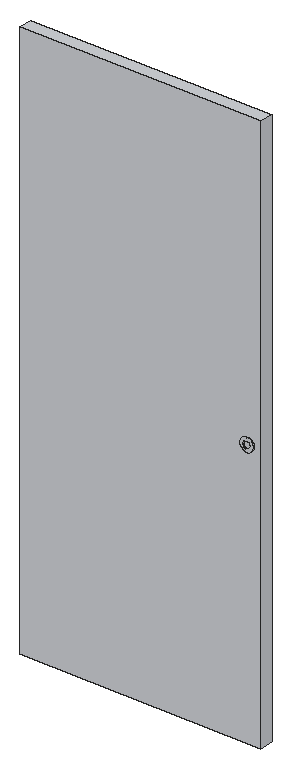
Revit family "DR_1SL_Sliding Door", category Doors, host Wall, Revit 2021
Family settings
  Host = Wall
  OmniClass Number = 23.30.10.00
  OmniClass Title = Doors
  Always vertical = Yes
  Cut with Voids When Loaded = No
  Shared = No
  Room Calculation Point = Yes
Parameters (values of type "900x2100")
  YN_Handle_Internal = yes
  YN_Handle_External = yes
  YN_FlushWall_Int = no
  YN_FlushWall_Ext = no
  Thickness = 0 mm  # constant formula
  TX_TypeCode = "1SL"
  TX_Host [instance] = ""
  Rough Width = 0 mm  # constant formula
  Rough Height = 0 mm  # constant formula
  MA_Panel = none
  MA_Handle = none
  MA_Frame = none
  Function = Interior
  Height = 0 mm  # constant formula
  Wall Closure = By host
  Width = 0 mm  # constant formula
  Description = "Porta a un'anta scorrevole."
  Define Thermal Properties by = Schematic Type
  DI_Width_Rough = DI_Width + (DI_Frame_Width * 2)  # 900 mm
  DI_Width_Clear = DI_Width  # 900 mm
  DI_Width = 900 mm
  DI_Wall_Thickness [instance] = 200 mm
  DI_WallVoid_Thickness = DI_Panel_Thickness + 20 mm  # 70 mm
  DI_WallOpening_Interior [instance] = 0 mm
  DI_WallOpening_Exterior [instance] = 0 mm
  DI_VoidDepth_Below [instance] = 200 mm
  DI_Panel_Width = DI_Width  # 900 mm
  DI_Panel_Thickness = 50 mm
  DI_Panel_OffsetYC [instance] = 300 mm + if(YN_FlushWall_Int, 0 mm, if(YN_FlushWall_Ext, (DI_Wall_Thickness - DI_Frame_Thickness), DI_Panel_OffsetY))  # 350 mm
  DI_Panel_OffsetY [instance] = 50 mm
  DI_Panel_Height = DI_Height  # 2100 mm
  DI_Opening_Projection_OffsetX = DI_Width  # 900 mm
  DI_Opening_OffsetX = 0 mm
  DI_Height_Rough = DI_Height + DI_Frame_Width  # 2100 mm
  DI_Height_Clear = DI_Height  # 2100 mm
  DI_Height = 2100 mm
  DI_Handle_OffsetZ = 1000 mm
  DI_Handle_OffsetX = 50 mm
  DI_Frame_Width = 0 mm
  DI_Frame_Thickness = DI_Panel_Thickness  # 50 mm
  Analytic Construction = "<None>"
  DI_WallVoid_Width = DI_Panel_Width + 20 mm  # 920 mm
Reference planes
  plane 1 "Center": y = 0
  plane 2 "Center (Left/Right)": x = 0
  plane 3 "Left": x = -450
  plane 4 "Right": x = 450
  plane 5 "Top": z = 2100
  plane 6 "Back": y = 100
  plane 7 "Front": y = -100
  plane 8 "Left Panel": x = -450
  plane 9 "Frame": x = 450
  plane 10 "FrontPanel": y = -50
  plane 11 "BackPanel": y = 0
  plane 12 "Frame_Top": z = 2100
  plane 13 "MidllePanel": y = -25
  plane 14 "VoidDepth_Below": z = -200
  plane 15 "Opening Projection Ext": y = 100
  plane 16 "Opening Projection Int": y = -100
  plane 17 "Void Back": y = 10
  plane 18 "Void Front": y = -60
  plane 19: x = -1350
  plane 20 "WallVoid_Left": x = -1370
  plane 21 "Posizione Cerniera Y": x = -450
  plane 22: y = -400
Forms (mm)
  Extrusion 1, void
    sketch origin (0, 0, 0) x (1, 0, 0) y (0, 1, 0)
      loop
        line (-450, 100) -> (-450, -100) -> (450, -100) -> (450, 100) -> (-450, 100)
    from -200 to 2100
  Extrusion 2, void
    sketch origin (-450, 50, 0) x (0.34202, -0.939693, 0) y (0.939693, 0.34202, 0)
      loop
        line (37.588, -13.681) -> (-277.071, -878.198) -> (-211.292, -902.139) -> (103.366, -37.622) -> (37.588, -13.681)
    from 0 to 2100 <- "DI_Panel_Height"
Lines and regions (mm)
  symbolic lines, style "DoorsOpeningProjection"
    curve 1: line (-450, 100, 0) -> (450, 100, 0)
    curve 2: line (-450, -100, 0) -> (450, -100, 0)
Text (mm)
  text "Exterior" at (-2295.016, 1099.543, 0), in view "Ref. Level"
  text "Exterior" at (0, 1615.38, 3698.081), in view "Left"
  text "Exterior" at (0, 1036.032, 3874.932), in view "Right"
Dimensions and locks
  equal spacing: plane 8 "Left Panel", plane 2 "Center (Left/Right)", plane 9 "Frame"
  locked: plane 6 "Back" to host wall
  locked: plane 7 "Front" to host wall
  "DI_Frame_Width": plane 5 "Top" to plane 12 "Frame_Top"
  "DI_Panel_Thickness": plane 11 "BackPanel" to plane 10 "FrontPanel"
  "DI_Panel_OffsetYC": plane 22 to plane 10 "FrontPanel"
  "DI_Width": plane 8 "Left Panel" to plane 9 "Frame"
  "DI_Frame_Width": plane 9 "Frame" to plane 4 "Right"
  "DI_Frame_Width": plane 3 "Left" to plane 8 "Left Panel"
  "DI_Height": plane 12 "Frame_Top" to level
  "DI_Wall_Thickness": host wall to host wall
  "DI_VoidDepth_Below": plane 14 "VoidDepth_Below" to level
  "DI_WallOpening_Exterior": plane 6 "Back" to plane 15 "Opening Projection Ext"
  "DI_WallOpening_Interior": plane 16 "Opening Projection Int" to plane 7 "Front"
  equal spacing: plane 11 "BackPanel", plane 13 "MidllePanel", plane 10 "FrontPanel"
  "DI_WallVoid_Thickness": plane 17 "Void Back" to plane 18 "Void Front"
  equal spacing: plane 17 "Void Back", plane 13 "MidllePanel", plane 18 "Void Front"
  "DI_Opening_Projection_OffsetX": plane 19 to plane 8 "Left Panel"
  "DI_WallVoid_Width": plane 20 "WallVoid_Left" to plane 8 "Left Panel"
  "DI_Opening_OffsetX": plane 21 "Posizione Cerniera Y" to plane 3 "Left"
  locked: plane 7 "Front" to plane 22 at 300
  aligned and locked: plane 1 "Center" to host wall
  aligned and locked: Extrusion 1 sketch curve to plane 3 "Left"
  aligned and locked: plane 4 "Right" to Extrusion 1 sketch curve
  aligned and locked: Extrusion 1 to plane 5 "Top"
  aligned and locked: Extrusion 1 to plane 14 "VoidDepth_Below"
  aligned and locked: curve 1 to plane 15 "Opening Projection Ext"
  aligned and locked: plane 16 "Opening Projection Int" to curve 2
  aligned and locked: plane 11 "BackPanel" to nested 1
  aligned and locked: Extrusion 1 sketch curve to plane 15 "Opening Projection Ext"
  aligned and locked: Extrusion 1 sketch curve to plane 16 "Opening Projection Int"
  aligned and locked: plane 17 "Void Back" to Extrusion 2 sketch curve
  aligned and locked: plane 18 "Void Front" to Extrusion 2 sketch curve
  aligned and locked: plane 10 "FrontPanel" to nested 2
  aligned and locked: Extrusion 2 sketch curve to plane 20 "WallVoid_Left"
  aligned and locked: nested 3 to plane 10 "FrontPanel"
  aligned and locked: plane 19 to nested 2
  aligned and locked: plane 21 "Posizione Cerniera Y" to nested 1
  aligned and locked: nested 3 to plane 21 "Posizione Cerniera Y"
Automatic sketch dimensions
  curve 2 to plane 3 "Left" = 0 mm
  curve 1 to plane 3 "Left" = 0 mm
  curve 2 to plane 4 "Right" = 0 mm
  curve 1 to plane 4 "Right" = 0 mm
  Extrusion 2 sketch curve to plane 8 "Left Panel" = 0 mm
Nested families
  nested 1: "DR.PN_Sliding Panel" at (0, -25, 0), DI_Panel_Height <- "DI_Panel_Height", DI_Panel_Thickness <- "DI_Panel_Thickness", DI_Panel_Width <- "DI_Panel_Width", MA_Panel <- "MA_Panel", type "Sliding"
    with Thickness 0 mm, MA_Panel none, DI_Panel_Width 900 mm, DI_Panel_Thickness 50 mm, DI_Panel_Height 2100 mm
  nested 2: "DR.PN_Sliding Panel" at (-900, -25, 0), DI_Panel_Width <- "DI_Panel_Width", DI_Panel_Thickness <- "DI_Panel_Thickness", type "Sliding_Projection"
    with Thickness 0 mm, MA_Panel none, DI_Panel_Width 900 mm, DI_Panel_Thickness 50 mm, DI_Panel_Height 2100 mm
  nested 3: "DR.HA_Handle_FlushPull_Circular_HW" at (-450, 80, 0), DI_Panel_Height <- "DI_Panel_Height", DI_Panel_Thickness <- "DI_Panel_Thickness", DI_Panel_Width <- "DI_Panel_Width", MA_Handle <- "MA_Handle", YN_Handle_External <- "YN_Handle_External", YN_Handle_Internal <- "YN_Handle_Internal", DI_Handle_OffsetZ <- "DI_Handle_OffsetZ", DI_Handle_OffsetX <- "DI_Handle_OffsetX", type "Cut"
    with YN_Handle_Internal yes, YN_Handle_External yes, MA_Handle none, DI_Panel_Width 900 mm, DI_Panel_Thickness 50 mm, DI_Panel_OffsetYC 0 mm, DI_Panel_OffsetY 0 mm, DI_Panel_Height 2100 mm, DI_Handle_OffsetZ 1000 mm, DI_Handle_OffsetX 50 mm, YN_Opening_Pivot yes
Definition of nested family "DR.PN_Sliding Panel"
  Parameters (values of type "Sliding")
    YN_Panel_Projection = no
    YN_Panel = not(YN_Panel_Projection)  # yes
    YN_3D = not(YN_Panel_Projection)  # yes
    Width = 0 mm  # constant formula
    Thickness [instance] = 0 mm  # constant formula
    Rough Width = 0 mm  # constant formula
    Rough Height = 0 mm  # constant formula
    MA_Panel [instance] = none
    Height = 0 mm  # constant formula
    Define Thermal Properties by = 1
    Default Elevation = 0 mm  # constant formula
    DI_Panel_Width [instance] = 900 mm
    DI_Panel_Thickness [instance] = 50 mm
    DI_Panel_Height [instance] = 2100 mm
    Analytic Construction = "<None>"
  Types (2, lengths in mm): name | YN_Panel_Projection | YN_Panel | YN_3D | DI_Panel_Width | DI_Panel_Height
    Sliding | no | yes | yes | 900 | 2100
    Sliding_Projection | yes | no | no | 800 | 1800
  Reference planes
    plane 1 "Center (Front/Back)": y = 0
    plane 2: z = 0
    plane 3 "Center (Left/Right)": x = 0
    plane 4 "Left": x = -450
    plane 5 "Right": x = 450
    plane 6 "FrontPanel": y = -25
    plane 7 "Top": z = 2100
    plane 8: z = 1050
    plane 9 "BackPanel": y = 25
    plane 10 "Arrow1": z = 1107
    plane 11 "Arrow2": z = 993
    plane 12 "Summit Arrow": x = 300
  Forms (mm)
    Extrusion 1, solid, material <- "MA_Panel", visible <- "YN_3D"
      sketch origin (1340, 700, 0) x (1, 0, 0) y (0, 1, 0)
        loop
          line (-1790, -725) -> (-890, -725) -> (-890, -675) -> (-1790, -675) -> (-1790, -725)
      from 0 to 2100
  Lines and regions (mm)
    Masking region 1, visible <- "YN_Panel"
      outline origin (0, 0, 0) x (1, 0, 0) y (0, 1, 0)
        loop
          line (-450, -25) -> (450, -25) -> (450, 25) -> (-450, 25) -> (-450, -25)
    model lines
      curve 1: line (0, -25, 1050) -> (300, -25, 1050)
      curve 2: line (0, 25, 1050) -> (300, 25, 1050)
      curve 10: line (0, -25, 1050) -> (81.429, -25, 993)
      curve 11: line (0, -25, 1050) -> (81.429, -25, 1107)
      curve 12: line (0, 25, 1050) -> (81.429, 25, 993)
      curve 13: line (0, 25, 1050) -> (81.429, 25, 1107)
    symbolic lines, not visible
      curve 3: line (-450, 25, 0) -> (450, 25, 0)
    symbolic lines, not visible, detail levels medium+fine
      curve 4: line (-450, -25, 0) -> (450, -25, 0)
      curve 5: line (450, -25, 0) -> (450, 25, 0)
    symbolic lines
      curve 6: line (-450, 25, 0) -> (450, 25, 0)
      curve 7: line (-450, -25, 0) -> (-450, 25, 0)
      curve 8: line (450, -25, 0) -> (-450, -25, 0)
      curve 9: line (450, 25, 0) -> (450, -25, 0)
  Dimensions and locks
    "DI_Panel_Width": plane 4 "Left" to plane 5 "Right"
    equal spacing: plane 4 "Left", plane 3 "Center (Left/Right)", plane 5 "Right"
    "DI_Panel_Thickness": plane 6 "FrontPanel" to plane 9 "BackPanel"
    equal spacing: plane 7 "Top", plane 8, plane 2
    equal spacing: plane 6 "FrontPanel", plane 1 "Center (Front/Back)", plane 9 "BackPanel"
    locked: plane 10 "Arrow1" to plane 8 at 57
    locked: plane 8 to plane 11 "Arrow2" at 57
    plane 5 "Right" to plane 12 "Summit Arrow" = 150 mm
    "DI_Panel_Height": plane 7 "Top" to plane 2
    aligned and locked: level to plane 2
    aligned and locked: plane 4 "Left" to Extrusion 1
    aligned and locked: plane 9 "BackPanel" to Extrusion 1
    aligned and locked: plane 5 "Right" to Extrusion 1
    aligned and locked: Extrusion 1 to plane 6 "FrontPanel"
    aligned and locked: plane 7 "Top" to Extrusion 1
    aligned and locked: plane 9 "BackPanel" to Masking region 1 sketch curve
    aligned and locked: Masking region 1 sketch curve to plane 6 "FrontPanel"
    aligned and locked: curve 1 to plane 8
    aligned and locked: plane 3 "Center (Left/Right)" to curve 1
    aligned and locked: plane 3 "Center (Left/Right)" to curve 2
    aligned and locked: plane 8 to curve 2
    aligned and locked: plane 12 "Summit Arrow" to curve 1
    aligned and locked: Masking region 1 sketch curve to plane 4 "Left"
    aligned and locked: plane 5 "Right" to Masking region 1 sketch curve
    aligned and locked: curve 9 to plane 5 "Right"
    aligned and locked: curve 6 to plane 9 "BackPanel"
    aligned and locked: plane 6 "FrontPanel" to curve 8
    aligned and locked: curve 7 to plane 4 "Left"
    aligned and locked: plane 10 "Arrow1" to curve 11
    aligned and locked: plane 11 "Arrow2" to curve 10
    aligned and locked: curve 13 to plane 10 "Arrow1"
    aligned and locked: curve 12 to plane 11 "Arrow2"
  Automatic sketch dimensions
    curve 2 to curve 2 = 300 mm
    plane 3 "Center (Left/Right)" to curve 10 = 81.429 mm
    plane 3 "Center (Left/Right)" to curve 11 = 81.429 mm
    plane 3 "Center (Left/Right)" to curve 12 = 81.429 mm
    plane 3 "Center (Left/Right)" to curve 13 = 81.429 mm
    Extrusion 1 sketch curve to plane 4 "Left" = 0 mm
    Extrusion 1 sketch curve to plane 5 "Right" = 0 mm
    Extrusion 1 sketch curve to plane 6 "FrontPanel" = 0 mm
    Extrusion 1 sketch curve to plane 9 "BackPanel" = 0 mm
    curve 2 to plane 12 "Summit Arrow" = 0 mm
Definition of nested family "DR.HA_Handle_FlushPull_Circular_HW"
  Parameters (values of type "Cut")
    YN_Opening_Pivot = no
    YN_Handle_Internal [instance] = yes
    YN_Handle_External [instance] = yes
    MA_Handle [instance] = none
    Handle = DR.HA_Handle_FlushPull_Circular : Cut
    Define Thermal Properties by = 1
    Default Elevation = 0 mm  # constant formula
    DI_Panel_Width [instance] = 900 mm
    DI_Panel_Thickness [instance] = 40 mm
    DI_Panel_OffsetYC [instance] = if(YN_Opening_Pivot, (DI_Panel_Thickness / 2), DI_Panel_OffsetY)  # 0 mm
    DI_Panel_OffsetY [instance] = 0 mm
    DI_Panel_Height [instance] = 2148.093 mm
    DI_Handle_OffsetZ [instance] = 1000 mm
    DI_Handle_OffsetX [instance] = 50 mm
    Analytic Construction = "<None>"
  Types (2, lengths in mm): name | Handle
    Projection | DR.HA_Handle_FlushPull_Circular : Projection
    Cut | DR.HA_Handle_FlushPull_Circular : Cut
  Reference planes
    plane 1 "Panel_Ext": y = -80
    plane 2: z = 0
    plane 3 "Center (Left/Right)": x = 0
    plane 4 "Panel_Int": y = -120
    plane 5: z = 1000
    plane 6: x = 900
    plane 7: x = 850
    plane 8: z = 2148.093
    plane 9 "Origin": y = -80
  Lines and regions (mm)
    symbolic lines, detail levels coarse
      curve 1: line (0, -120, 0) -> (0, -80, 0)
  Dimensions and locks
    "DI_Panel_Thickness": plane 4 "Panel_Int" to plane 1 "Panel_Ext"
    "DI_Handle_OffsetZ": plane 2 to plane 5
    "DI_Panel_Width": plane 6 to plane 3 "Center (Left/Right)"
    "DI_Handle_OffsetX": plane 6 to plane 7
    "DI_Panel_Height": plane 8 to level
    "DI_Panel_OffsetYC": plane 1 "Panel_Ext" to plane 9 "Origin"
    aligned and locked: plane 2 to level
    aligned and locked: plane 7 to nested 2
    aligned and locked: nested 1 to plane 7
    aligned and locked: plane 4 "Panel_Int" to nested 1
    aligned and locked: plane 1 "Panel_Ext" to nested 2
  Automatic sketch dimensions
    plane 1 "Panel_Ext" to curve 1 = 0 mm
    curve 1 to plane 3 "Center (Left/Right)" = 0 mm
    plane 4 "Panel_Int" to curve 1 = 0 mm
  Nested families
    nested 1: "DR.HA_Handle_FlushPull_Circular" at (850, -120, 1000), built-in parameter 1001364 <- "DI_Handle_OffsetZ", visible <- "YN_Handle_Internal", MA_Handle <- "MA_Handle", type <- "Handle", type "Cut"
      with MA_Handle none
    nested 2: "DR.HA_Handle_FlushPull_Circular" at (850, -80, 1000), built-in parameter 1001364 <- "DI_Handle_OffsetZ", visible <- "YN_Handle_External", MA_Handle <- "MA_Handle", type <- "Handle", type "Cut"
      with MA_Handle none
  Definition of nested family "DR.HA_Handle_FlushPull_Circular"
    Parameters (values of type "Cut")
      YN_Graphics_Projection = no
      YN_Graphics_Cut = yes
      YN_3D = yes
      MA_Handle [instance] = none
      Define Thermal Properties by = 1
      Default Elevation = 0 mm  # constant formula
      Analytic Construction = "<None>"
    Types (2, lengths in mm): name | YN_Graphics_Projection | YN_Graphics_Cut | YN_3D
      Cut | no | yes | yes
      Projection | yes | no | no
    Reference planes
      plane 1 "Center (Front/Back)": y = 0
      plane 2: z = 0
      plane 3 "Center (Left/Right)": x = 0
    Forms (mm)
      Extrusion 1, solid, material <- "MA_Handle", visible <- "YN_3D"
        sketch origin (0, 0, 0) x (1, 0, 0) y (0, 0, 1)
          loop
            circle (0, 0) r 25
        from 0 to 3
      Extrusion 2, void
        sketch origin (0, 0, 0) x (1, 0, 0) y (0, 0, 1)
          loop
            circle (0, 0) r 14
        from 1 to 4
    Cuts and joins
      Extrusion 2 cuts Extrusion 1
    Lines and regions (mm)
      Masking region 1, visible <- "YN_Graphics_Cut", detail levels medium+fine
        outline origin (0, 0, 0) x (1, 0, 0) y (0, 1, 0)
          loop
            line (-25, 0) -> (-25, -3) -> (25, -3) -> (25, 0) -> (-25, 0)
    Dimensions and locks
      aligned and locked: plane 2 to level
